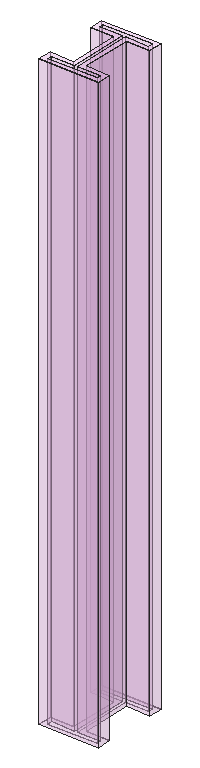
Revit family "gIns_Column-ver4.0", category Generic Models, Revit 2022
Family settings
  Can host rebar = No
  Round Connector Dimension = Use Diameter
  Part Type = Normal
  Work Plane-Based = No
  Always vertical = Yes
  Cut with Voids When Loaded = No
  Maintain Annotation Orientation = No
  Shared = No
  Room Calculation Point = No
Parameters (values of type "Default")
  長さ__ [instance] = 3000 mm
  耐火被覆t [instance] = 25 mm
  外壁との離隔_W方向 [instance] = 200 mm
  外壁との離隔_D方向 [instance] = 200 mm
  合成耐火左 [instance] = no
  合成耐火右 [instance] = no
  合成耐火下 [instance] = no
  合成耐火上 [instance] = no
  ロ_type [instance] = not(H_type)  # no
  マテリアル_本体_ = 70Ins_耐火被覆-RW
  tf [instance] = 24 mm
  calc_ウェブ左_被覆t [instance] = if(or(H_type, 合成耐火左), ウェブ左_被覆t, B / 2 + 耐火被覆t + 10 mm)  # 31 mm
  calc_ウェブ右_被覆t [instance] = if(or(H_type, 合成耐火右), ウェブ右_被覆t, B / 2 + 耐火被覆t + 10 mm)  # 31 mm
  calc_tw [instance] = if(H_type, tw, B)  # 12 mm
  calc_tf [instance] = if(H_type, tf, 2 * tf)  # 24 mm
  W左_被覆t [instance] = if(合成耐火左, 0 mm, 耐火被覆t)  # 25 mm
  W左 [instance] = if(合成耐火左, B / 2 + 外壁との離隔_W方向, B / 2)  # 125 mm
  W右_被覆t [instance] = if(合成耐火右, 0 mm, 耐火被覆t)  # 25 mm
  W右 [instance] = if(合成耐火右, B / 2 + 外壁との離隔_W方向, B / 2)  # 125 mm
  W下 [instance] = if(合成耐火下, H / 2 + 外壁との離隔_D方向, H / 2 + 耐火被覆t)  # 200 mm
  W上 [instance] = if(合成耐火上, H / 2 + 外壁との離隔_D方向, H / 2 + 耐火被覆t)  # 200 mm
  ウェブ左_被覆t [instance] = if(合成耐火左, 0 mm, tw / 2 + 耐火被覆t)  # 31 mm
  Void左H [instance] = H / 2 - if(合成耐火左, 0 mm, calc_tf + 耐火被覆t)  # 126 mm
  ウェブ右_被覆t [instance] = if(合成耐火右, 0 mm, tw / 2 + 耐火被覆t)  # 31 mm
  Void右H [instance] = H / 2 - if(合成耐火右, 0 mm, calc_tf + 耐火被覆t)  # 126 mm
  下端用Void上端 [instance] = H / 2 + if(合成耐火下, 0 mm, 耐火被覆t)  # 200 mm
  天端用Void下端 [instance] = H / 2 + if(合成耐火上, 0 mm, 耐火被覆t)  # 200 mm
  H_type [instance] = yes
  H [instance] = 350 mm
  Default Elevation = 0 mm
  tw [instance] = 12 mm
  B [instance] = 250 mm
Types (2): name
  Default
  Type 1
Reference planes
  plane 1 "中心(正面/背面)": y = 0
  plane 2: z = 0
  plane 3 "中心(左/右)": x = 0
  plane 4 "東内側": x = 125
  plane 5 "西内側": x = -125
  plane 6 "北内側": y = 350
  plane 7 "南内側": y = -350
  plane 8 "上部": z = 3000
  plane 9 "東外側": x = 150
  plane 10 "西外側": x = -150
  plane 11 "北外側": y = 200
  plane 12 "南外側": y = -200
  plane 13: y = 151
  plane 14: y = 151
  plane 15: y = -151
  plane 16: y = -151
  plane 17: x = -6
  plane 18: x = 6
  plane 19: y = 400
  plane 20: y = 175
  plane 21: y = -175
Forms (mm)
  Extrusion 1, solid, material "70Ins_耐火被覆-RW" <- "マテリアル_本体_"
    sketch origin (0, 0, 0) x (1, 0, 0) y (0, 1, 0)
      loop
        line (-150, 200) -> (-150, -200) -> (150, -200) -> (150, 200) -> (-150, 200)
    from 0 to 3000
  Extrusion 2, void
    sketch origin (0, 0, 0) x (1, 0, 0) y (0, 1, 0)
      loop
        line (31, 126) -> (31, -126) -> (150, -126) -> (150, 126) -> (31, 126)
    from 0 to 3000
  Extrusion 3, void
    sketch origin (0, 0, 0) x (1, 0, 0) y (0, 1, 0)
      loop
        line (-150, 126) -> (-150, -126) -> (-31, -126) -> (-31, 126) -> (-150, 126)
    from 0 to 3000
  Extrusion 4, void
    sketch origin (0, 0, 0) x (1, 0, 0) y (0, 1, 0)
      loop
        line (-125, 300) -> (-125, 200) -> (125, 200) -> (125, 300) -> (-125, 300)
    from 0 to 3000
  Extrusion 5, void
    sketch origin (0, 0, 0) x (1, 0, 0) y (0, 1, 0)
      loop
        line (-125, -300) -> (125, -300) -> (125, -200) -> (-125, -200) -> (-125, -300)
    from 0 to 3000
  Extrusion 6, void
    sketch origin (0, 0, 0) x (1, 0, 0) y (0, 1, 0)
      loop
        line (-125, 175) -> (-125, 151) -> (-6, 151) -> (-6, -151) -> (-125, -151) -> (-125, -175) -> (125, -175) -> (125, -151) -> (6, -151) -> (6, 151) -> (125, 151) -> (125, 175) -> (-125, 175)
    from 0 to 3000
Cuts and joins
  Extrusion 2, Extrusion 3, Extrusion 4, Extrusion 5, Extrusion 6 cuts Extrusion 1
Dimensions and locks
  "長さ__": plane 8 "上部" to level
  "W上": plane 11 "北外側" to plane 1 "中心(正面/背面)"
  "W下": plane 12 "南外側" to plane 1 "中心(正面/背面)"
  "W左": plane 5 "西内側" to plane 3 "中心(左/右)"
  "W右": plane 3 "中心(左/右)" to plane 4 "東内側"
  "Void右H": plane 1 "中心(正面/背面)" to Extrusion 2 sketch curve
  "Void右H": Extrusion 2 sketch curve to plane 1 "中心(正面/背面)"
  "calc_ウェブ右_被覆t": plane 3 "中心(左/右)" to Extrusion 2 sketch curve
  "Void左H": plane 1 "中心(正面/背面)" to Extrusion 3 sketch curve
  "Void左H": Extrusion 3 sketch curve to plane 1 "中心(正面/背面)"
  "calc_ウェブ左_被覆t": Extrusion 3 sketch curve to plane 3 "中心(左/右)"
  "W右_被覆t": plane 4 "東内側" to plane 9 "東外側"
  "W左_被覆t": plane 10 "西外側" to plane 5 "西内側"
  locked: Extrusion 4 sketch curve to plane 11 "北外側" at 100
  "天端用Void下端": plane 1 "中心(正面/背面)" to Extrusion 4 sketch curve
  locked: plane 12 "南外側" to Extrusion 5 sketch curve at 100
  "下端用Void上端": Extrusion 5 sketch curve to plane 1 "中心(正面/背面)"
  "H": Extrusion 6 sketch curve to Extrusion 6 sketch curve
  equal spacing: Extrusion 6 sketch curve, plane 1 "中心(正面/背面)", Extrusion 6 sketch curve
  "B": Extrusion 6 sketch curve to Extrusion 6 sketch curve  (x2)
  equal spacing: Extrusion 6 sketch curve, plane 3 "中心(左/右)", Extrusion 6 sketch curve  (x3)
  "tf": plane 13 to plane 20
  "tf": plane 21 to plane 15
  "calc_tf": plane 20 to plane 14
  "calc_tf": plane 16 to plane 21
  "calc_tw": plane 17 to plane 18
  equal spacing: plane 17, plane 3 "中心(左/右)", plane 18
  "H": plane 21 to plane 20
  equal spacing: plane 21, plane 1 "中心(正面/背面)", plane 20
  aligned and locked: level to plane 2
  aligned and locked: plane 8 "上部" to Extrusion 1
  aligned and locked: Extrusion 1 to level
  aligned and locked: plane 8 "上部" to Extrusion 2
  aligned and locked: plane 8 "上部" to Extrusion 3
  aligned and locked: plane 9 "東外側" to cut or joined group of Extrusion 1, Extrusion 2, Extrusion 3, Extrusion 4, Extrusion 5, Extrusion 6  (x2)
  aligned and locked: cut or joined group of Extrusion 1, Extrusion 2, Extrusion 3, Extrusion 4, Extrusion 5, Extrusion 6 to plane 10 "西外側"  (x2)
  aligned and locked: plane 11 "北外側" to cut or joined group of Extrusion 1, Extrusion 2, Extrusion 3, Extrusion 4, Extrusion 5, Extrusion 6
  aligned and locked: plane 5 "西内側" to Extrusion 4 sketch curve
  aligned and locked: Extrusion 4 sketch curve to plane 4 "東内側"
  aligned and locked: plane 8 "上部" to Extrusion 4
  aligned and locked: cut or joined group of Extrusion 1, Extrusion 2, Extrusion 3, Extrusion 4, Extrusion 5, Extrusion 6 to plane 12 "南外側"
  aligned and locked: Extrusion 5 sketch curve to plane 5 "西内側"
  aligned and locked: plane 4 "東内側" to Extrusion 5 sketch curve
  aligned and locked: plane 8 "上部" to Extrusion 5
  aligned and locked: plane 8 "上部" to Extrusion 6
  aligned and locked: plane 18 to Extrusion 6 sketch curve
  aligned and locked: plane 16 to Extrusion 6 sketch curve  (x2)
  aligned and locked: plane 15 to Extrusion 6 sketch curve  (x2)
  aligned and locked: plane 14 to Extrusion 6 sketch curve  (x2)
  aligned and locked: plane 13 to Extrusion 6 sketch curve  (x2)
Automatic sketch dimensions
  plane 4 "東内側" to Extrusion 1 sketch curve = 25 mm
  Extrusion 1 sketch curve to plane 5 "西内側" = 25 mm
  plane 7 "南内側" to Extrusion 1 sketch curve = 150 mm
  Extrusion 1 sketch curve to plane 6 "北内側" = 150 mm
  Extrusion 2 sketch curve to plane 9 "東外側" = 0 mm
  Extrusion 3 sketch curve to plane 10 "西外側" = 0 mm
